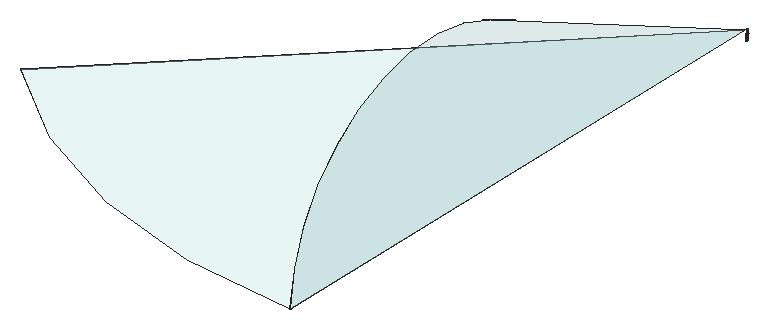
Revit family "Rotor 5000 Series - 5004+FCSAMRSS", category Acessórios do tubo, Revit 2020
Family settings
  Cota do conector redondo = Utilizar diâmetro
  Tipo de parte = Normal
  Número OmniClass = 23.60.30.11.14
  Título OmniClass = Pipework Fittings
  Com base no plano de trabalho = Não
  Sempre na vertical = Sim
  Corte com vazios quando carregada = Não
  Compartilhado = Não
Parameters (values of type "Rain Curtain 6.0")
  Water = Water
  URL = "https://www.rainbird.com/"
  TABLE 65 = "TABLE 65psi"
  TABLE 55 75 = "TABLE 55 75psi"
  TABLE 55 = "TABLE 55psi"
  TABLE 45 = "TABLE 45psi"
  TABLE 35 = "TABLE 35psi"
  TABLE 25 = "TABLE 25psi"
  SupportProjetos: Reviw Date = ""  # constant formula
  SupportProjetos: Reviw = "R00"  # constant formula
  SupportProjetos: Level of Detail = "LOD 300"  # constant formula
  SupportProjetos: Developed = "MICHEL SOARES MOTA"  # constant formula
  SupportProjetos: Creation Date = "07/08/2020"  # constant formula
  Side inlet = no
  Rotation Water Visibility [instance] = Pop up on  # yes
  Rotation Angle [instance] = 45.00°
  RainBird: Product Link = "https://www.rainbird.com/"
  RainBird: Description = "5004+FC-SAM-R-SS Rotor "  # constant formula
  RainBird: Comment [instance] = ""
  RainBird: Code = ""  # constant formula
  Radius [instance] = if(and(Pressure = 25.0 psi, Instance < 25 ft), size_lookup(TABLE 25, "Radius", 0 ft, Instance), if(and(Pressure = 35.0 psi, Instance < 25 ft), size_lookup(TABLE 35, "Radius", 0 ft, Instance), if(and(Pressure = 45.0 psi, Instance < 25 ft), size_lookup(TABLE 45, "Radius", 0 ft, Instance), if(and(Pressure = 55.0 psi, Instance < 13 ft), size_lookup(TABLE 55, "Radius", 0 ft, Instance), if(and(Pressure = 65.0 psi, Instance < 13 ft), size_lookup(TABLE 65, "Radius", 0 ft, Instance), if(and(Pressure > 55.0 psi, Instance > 13 ft), size_lookup(TABLE 55 75, "Radius", 0 ft, Instance), 0 ft))))))  # 50 ft
  RT = 0.009893 ft
  RN = 0.032808 ft
  R5 = 0.03937 ft
  R4 = 0.04101 ft
  R3 = 0.065617 ft
  R2 = 0.075407 ft
  R1 = 0.032808 ft
  Pressure [instance] = 55.0 psi
  Pop up height = 0.334646 ft
  Pop up on [instance] = yes
  Modelo = "5004+FCSAMRSS"  # constant formula
  Instance = 7 ft
  H1 = Body height / 3  # 0.194663 ft
  Flow [instance] = if(and(Pressure = 25.0 psi, Instance < 25 ft), size_lookup(TABLE 25, "Flow", 0.0 GPM, Instance), if(and(Pressure = 35.0 psi, Instance < 25 ft), size_lookup(TABLE 35, "Flow", 0.0 GPM, Instance), if(and(Pressure = 45.0 psi, Instance < 25 ft), size_lookup(TABLE 45, "Flow", 0.0 GPM, Instance), if(and(Pressure = 55.0 psi, Instance < 13 ft), size_lookup(TABLE 55, "Flow", 0.0 GPM, Instance), if(and(Pressure = 65.0 psi, Instance < 13 ft), size_lookup(TABLE 65, "Flow", 0.0 GPM, Instance), if(and(Pressure > 55.0 psi, Instance > 13 ft), size_lookup(TABLE 55 75, "Flow", 0.0 GPM, Instance), 0.0 GPM))))))  # 6.63 GPM
  Fabricante = "Rain Bird"
  Elevação padrão = 0 ft
  Description = RainBird: Description  # "5004+FC-SAM-R-SS Rotor "
  DD13 = 0.002625 ft
  DD12 = 0.003937 ft
  DD11 = 0.009897 ft
  DD10 = 0.016404 ft
  DD8 [instance] = if(Pop up on, Pop up height, 0 ft)  # 0.334646 ft
  DD7 = 0.019685 ft
  DD6 [instance] = 0.016404 ft
  DD5 = 0.065617 ft
  DD4 = 0.032808 ft
  DD3 = 0.091048 ft
  DD2 [instance] = 0.024514 ft
  DD9 [instance] = if(Pop up on, Pop up height + 0.049541 ft, 0 ft)  # 0.384186 ft
  DD1 = 0.006562 ft
  Conection = 0.062664 ft  # constant formula
  Body height = 0.58399 ft
  Blue = Blue Plastic
  Black Plastic = Black Plastic
  Angle = 25.00°
Types (25, lengths in ft): name | Rotation Angle | Radius | Pressure | Instance | Flow
  (no name) | 45.00° | 50 | 55.0 psi | 7 | 6.63 GPM
  Rain Curtain 1.5 | 180.00° | 33 | 25.0 psi | 1 | 1.12 GPM
  Rain Curtain 2.0 | 180.00° | 35 | 25.0 psi | 2 | 1.5 GPM
  Rain Curtain 3.0 | 180.00° | 36 | 25.0 psi | 4 | 2.26 GPM
  Rain Curtain 4.0 | 180.00° | 36 | 25.0 psi | 5 | 2.91 GPM
  Rain Curtain 5.0 | 180.00° | 37 | 25.0 psi | 6 | 3.72 GPM
  Rain Curtain 6.0 | 45.00° | 50 | 55.0 psi | 7 | 6.63 GPM
  Rain Curtain 8.0 | 180.00° | 33 | 25.0 psi | 8 | 5.9 GPM
  Rain Curtain 2.5 | 180.00° | 35 | 25.0 psi | 3 | 1.81 GPM
  1.0 LA | 180.00° | 25 | 25.0 psi | 9 | 0.76 GPM
  1.5 LA | 180.00° | 27 | 25.0 psi | 10 | 1.15 GPM
  2.0 LA | 180.00° | 29 | 25.0 psi | 11 | 1.47 GPM
  3.0 LA | 180.00° | 29 | 25.0 psi | 12 | 2.23 GPM
  PRS Rain Curtain 1.5 | 180.00° | 33 | 25.0 psi | 13 | 1.12 GPM
  PRS Rain Curtain 2.0 | 180.00° | 35 | 25.0 psi | 14 | 1.5 GPM
  PRS Rain Curtain 2.5 | 180.00° | 35 | 25.0 psi | 15 | 1.81 GPM
  PRS Rain Curtain 3.0 | 180.00° | 36 | 25.0 psi | 16 | 2.26 GPM
  PRS Rain Curtain 4.0 | 180.00° | 36 | 25.0 psi | 17 | 2.91 GPM
  PRS Rain Curtain 5.0 | 180.00° | 37 | 25.0 psi | 18 | 3.72 GPM
  PRS Rain Curtain 6.0 | 180.00° | 37 | 25.0 psi | 19 | 4.25 GPM
  PRS Rain Curtain 8.0 | 180.00° | 33 | 25.0 psi | 20 | 5.9 GPM
  PRS 1.0 LA | 180.00° | 25 | 25.0 psi | 21 | 0.76 GPM
  PRS 1.5 LA | 180.00° | 27 | 25.0 psi | 22 | 1.15 GPM
  PRS 2.0 LA | 180.00° | 29 | 25.0 psi | 23 | 1.47 GPM
  PRS 3.0 LA | 180.00° | 29 | 25.0 psi | 24 | 2.23 GPM
Reference planes (ft)
  plane 1 "Centro (Frente/Trás)": y = 0
  plane 2: z = 0
  plane 3 "Centro (Esquerda/Direita)": x = 0
  plane 4: z = 0.003937
  plane 5: z = 0.002625
  plane 6: y = -0.065617
Forms (ft)
  Revolve 1, solid, material "Black Plastic" <- "Black Plastic"
    sketch origin (0, 0, 0) x (1, 0, 0) y (0, 0, 1)
      loop
        line (0.075407, -0.091048) -> (0.075407, -0.035324)
        arc (0.075407, -0.035324) -> (0.072509, -0.028329) -> (0.065514, -0.025431) r 0.009893
        line (0.065514, -0.025431) -> (0.046098, -0.025431) -> (0.046098, 0) -> (0.03937, 0) -> (0.03937, -0.334646) -> (0.019685, -0.334646) -> (0.019685, -0.577428) -> (0.032808, -0.577428) -> (0.032808, -0.58399) -> (0.04101, -0.58399) -> (0.04101, -0.577428) -> (0.055724, -0.577428)
        arc (0.055724, -0.577428) -> (0.062719, -0.57453) -> (0.065617, -0.567535) r 0.009893
        line (0.065617, -0.567535) -> (0.065617, -0.091048) -> (0.075407, -0.091048)
      axis (0, -0.58399) -> (0, 0)
    angle from 0 to 360
  Extrusion 2, solid, material "Black Plastic" <- "Black Plastic"
    sketch origin (0, 0, 0) x (1, 0, 0) y (0, 1, 0)
      loop
        circle (0, 0) r 0.032808
    from -0.334646 to 0.334646
  Extrusion 3, void
    sketch origin (0, 0, 0) x (1, 0, 0) y (0, 1, 0)
      loop
        circle (0, 0) r 0.022844
    from -0.334646 to 0.334646
  Revolve 4, solid, material "Black Plastic" <- "Black Plastic"
    sketch origin (0, 0, 0) x (1, 0, 0) y (0, 0, 1)
      loop
        line (0, 0.334646) -> (0.037004, 0.334646) -> (0.037004, 0.344543)
        arc (0.037004, 0.344543) -> (0.01879, 0.349436) -> (0, 0.35105) r 0.10685
        line (0, 0.35105) -> (0, 0.334646)
      axis (0, 0.334646) -> (0, 0.35105)
    angle from 0 to 360
  Extrusion 5, solid, material "Blue Plastic" <- "Blue"
    sketch origin (0, 0, 0) x (1, 0, 0) y (0, 0, 1)
      loop
        circle (0, 0.310131) r 0.009129
      loop
        circle (0, 0.310131) r 0.004793
    from 0 to 0.034386
  Extrusion 6, void
    sketch origin (0, 0, 0) x (1, 0, 0) y (0, 0, 1)
      loop
        line (-0.02074, 0.328055) -> (-0.02074, 0.282426) -> (0.020672, 0.282426) -> (0.020672, 0.328055) -> (-0.02074, 0.328055)
      loop
        line (-0.018439, 0.325179) -> (-0.018439, 0.285685) -> (0.018179, 0.285685) -> (0.018179, 0.325179) -> (-0.018439, 0.325179)
    from 0.024556 to 0.06931
  Extrusion 7, solid, material "Black Plastic" <- "Black Plastic"
    sketch origin (0, 0, 0) x (1, 0, 0) y (0, 0, 1)
      loop
        line (0.046098, 0) -> (0.046098, -0.036876) -> (0.073493, -0.036876) -> (0.046098, 0)
    from -0.002998 to 0.002998
  Extrusion 8, solid, material "Black Plastic" <- "Black Plastic"
    sketch origin (0, 0, 0) x (-1, 0, 0) y (0, 0, -1)
      loop
        line (0.046098, 0) -> (0.073493, 0.036876) -> (0.046098, 0.036876) -> (0.046098, 0)
    from -0.002998 to 0.002998
  Extrusion 9, solid, material "Black Plastic" <- "Black Plastic"
    sketch origin (0, 0, 0) x (0.866025, 0.5, 0) y (0, 0, 1)
      loop
        line (0.046098, 0) -> (0.046098, -0.036876) -> (0.073493, -0.036876) -> (0.046098, 0)
    from -0.002998 to 0.002998
  Extrusion 10, solid, material "Black Plastic" <- "Black Plastic"
    sketch origin (0, 0, 0) x (-0.866025, -0.5, 0) y (0, 0, -1)
      loop
        line (0.046098, 0) -> (0.073493, 0.036876) -> (0.046098, 0.036876) -> (0.046098, 0)
    from -0.002998 to 0.002998
  Extrusion 11, solid, material "Black Plastic" <- "Black Plastic"
    sketch origin (0, 0, 0) x (0, 1, 0) y (0, 0, 1)
      loop
        line (0.046098, 0) -> (0.046098, -0.036876) -> (0.073493, -0.036876) -> (0.046098, 0)
    from -0.002998 to 0.002998
  Extrusion 12, solid, material "Black Plastic" <- "Black Plastic"
    sketch origin (0, 0, 0) x (0, -1, 0) y (0, 0, -1)
      loop
        line (0.046098, 0) -> (0.073493, 0.036876) -> (0.046098, 0.036876) -> (0.046098, 0)
    from -0.002998 to 0.002998
  Extrusion 13, solid, material "Black Plastic" <- "Black Plastic"
    sketch origin (0, 0, 0) x (0.5, 0.866025, 0) y (0, 0, 1)
      loop
        line (0.046098, 0) -> (0.046098, -0.036876) -> (0.073493, -0.036876) -> (0.046098, 0)
    from -0.002998 to 0.002998
  Extrusion 14, solid, material "Black Plastic" <- "Black Plastic"
    sketch origin (0, 0, 0) x (-0.5, -0.866025, 0) y (0, 0, -1)
      loop
        line (0.046098, 0) -> (0.073493, 0.036876) -> (0.046098, 0.036876) -> (0.046098, 0)
    from -0.002998 to 0.002998
  Extrusion 15, solid, material "Black Plastic" <- "Black Plastic"
    sketch origin (0, 0, 0) x (-0.5, 0.866025, 0) y (0, 0, 1)
      loop
        line (0.046098, 0) -> (0.046098, -0.036876) -> (0.073493, -0.036876) -> (0.046098, 0)
    from -0.002998 to 0.002998
  Extrusion 16, solid, material "Black Plastic" <- "Black Plastic"
    sketch origin (0, 0, 0) x (0.5, -0.866025, 0) y (0, 0, -1)
      loop
        line (0.046098, 0) -> (0.073493, 0.036876) -> (0.046098, 0.036876) -> (0.046098, 0)
    from -0.002998 to 0.002998
  Extrusion 17, solid, material "Black Plastic" <- "Black Plastic"
    sketch origin (0, 0, 0) x (-0.866025, 0.5, 0) y (0, 0, 1)
      loop
        line (0.046098, 0) -> (0.046098, -0.036876) -> (0.073493, -0.036876) -> (0.046098, 0)
    from -0.002998 to 0.002998
  Extrusion 18, solid, material "Black Plastic" <- "Black Plastic"
    sketch origin (0, 0, 0) x (0.866025, -0.5, 0) y (0, 0, -1)
      loop
        line (0.046098, 0) -> (0.073493, 0.036876) -> (0.046098, 0.036876) -> (0.046098, 0)
    from -0.002998 to 0.002998
  Extrusion 19, void
    sketch origin (0, 0, 0) x (1, 0, 0) y (0, 1, 0)
      loop
        line (-0.002998, 0.077702) -> (-0.002998, 0.071655) -> (0.002998, 0.071655) -> (0.002998, 0.077702) -> (-0.002998, 0.077702)
    from -0.091048 to 0.82021
  Extrusion 20, void
    sketch origin (0, 0, 0) x (1, 0, 0) y (0, 1, 0)
      loop
        line (0.002998, -0.077702) -> (0.002998, -0.071655) -> (-0.002998, -0.071655) -> (-0.002998, -0.077702) -> (0.002998, -0.077702)
    from -0.091048 to 0.82021
  Extrusion 21, void
    sketch origin (0, 0, 0) x (0.965926, 0.258819, 0) y (-0.258819, 0.965926, 0)
      loop
        line (-0.002998, 0.077702) -> (-0.002998, 0.071655) -> (0.002998, 0.071655) -> (0.002998, 0.077702) -> (-0.002998, 0.077702)
    from -0.091048 to 0.82021
  Extrusion 22, void
    sketch origin (0, 0, 0) x (0.965926, 0.258819, 0) y (-0.258819, 0.965926, 0)
      loop
        line (0.002998, -0.077702) -> (0.002998, -0.071655) -> (-0.002998, -0.071655) -> (-0.002998, -0.077702) -> (0.002998, -0.077702)
    from -0.091048 to 0.82021
  Extrusion 23, void
    sketch origin (0, 0, 0) x (0.866025, 0.5, 0) y (-0.5, 0.866025, 0)
      loop
        line (-0.002998, 0.077702) -> (-0.002998, 0.071655) -> (0.002998, 0.071655) -> (0.002998, 0.077702) -> (-0.002998, 0.077702)
    from -0.091048 to 0.82021
  Extrusion 24, void
    sketch origin (0, 0, 0) x (0.866025, 0.5, 0) y (-0.5, 0.866025, 0)
      loop
        line (0.002998, -0.077702) -> (0.002998, -0.071655) -> (-0.002998, -0.071655) -> (-0.002998, -0.077702) -> (0.002998, -0.077702)
    from -0.091048 to 0.82021
  Extrusion 25, void
    sketch origin (0, 0, 0) x (0.5, 0.866025, 0) y (-0.866025, 0.5, 0)
      loop
        line (-0.002998, 0.077702) -> (-0.002998, 0.071655) -> (0.002998, 0.071655) -> (0.002998, 0.077702) -> (-0.002998, 0.077702)
    from -0.091048 to 0.82021
  Extrusion 26, void
    sketch origin (0, 0, 0) x (0.5, 0.866025, 0) y (-0.866025, 0.5, 0)
      loop
        line (0.002998, -0.077702) -> (0.002998, -0.071655) -> (-0.002998, -0.071655) -> (-0.002998, -0.077702) -> (0.002998, -0.077702)
    from -0.091048 to 0.82021
  Extrusion 27, void
    sketch origin (0, 0, 0) x (0.707107, 0.707107, 0) y (-0.707107, 0.707107, 0)
      loop
        line (-0.002998, 0.077702) -> (-0.002998, 0.071655) -> (0.002998, 0.071655) -> (0.002998, 0.077702) -> (-0.002998, 0.077702)
    from -0.091048 to 0.82021
  Extrusion 28, void
    sketch origin (0, 0, 0) x (0.707107, 0.707107, 0) y (-0.707107, 0.707107, 0)
      loop
        line (0.002998, -0.077702) -> (0.002998, -0.071655) -> (-0.002998, -0.071655) -> (-0.002998, -0.077702) -> (0.002998, -0.077702)
    from -0.091048 to 0.82021
  Extrusion 29, void
    sketch origin (0, 0, 0) x (0.258819, 0.965926, 0) y (-0.965926, 0.258819, 0)
      loop
        line (-0.002998, 0.077702) -> (-0.002998, 0.071655) -> (0.002998, 0.071655) -> (0.002998, 0.077702) -> (-0.002998, 0.077702)
    from -0.091048 to 0.82021
  Extrusion 30, void
    sketch origin (0, 0, 0) x (0.258819, 0.965926, 0) y (-0.965926, 0.258819, 0)
      loop
        line (0.002998, -0.077702) -> (0.002998, -0.071655) -> (-0.002998, -0.071655) -> (-0.002998, -0.077702) -> (0.002998, -0.077702)
    from -0.091048 to 0.82021
  Extrusion 31, void
    sketch origin (0, 0, 0) x (0, 1, 0) y (-1, 0, 0)
      loop
        line (-0.002998, 0.077702) -> (-0.002998, 0.071655) -> (0.002998, 0.071655) -> (0.002998, 0.077702) -> (-0.002998, 0.077702)
    from -0.091048 to 0.82021
  Extrusion 32, void
    sketch origin (0, 0, 0) x (0, 1, 0) y (-1, 0, 0)
      loop
        line (0.002998, -0.077702) -> (0.002998, -0.071655) -> (-0.002998, -0.071655) -> (-0.002998, -0.077702) -> (0.002998, -0.077702)
    from -0.091048 to 0.82021
  Extrusion 33, void
    sketch origin (0, 0, 0) x (-0.258819, 0.965926, 0) y (-0.965926, -0.258819, 0)
      loop
        line (-0.002998, 0.077702) -> (-0.002998, 0.071655) -> (0.002998, 0.071655) -> (0.002998, 0.077702) -> (-0.002998, 0.077702)
    from -0.091048 to 0.82021
  Extrusion 34, void
    sketch origin (0, 0, 0) x (-0.258819, 0.965926, 0) y (-0.965926, -0.258819, 0)
      loop
        line (0.002998, -0.077702) -> (0.002998, -0.071655) -> (-0.002998, -0.071655) -> (-0.002998, -0.077702) -> (0.002998, -0.077702)
    from -0.091048 to 0.82021
  Extrusion 35, void
    sketch origin (0, 0, 0) x (-0.5, 0.866025, 0) y (-0.866025, -0.5, 0)
      loop
        line (-0.002998, 0.077702) -> (-0.002998, 0.071655) -> (0.002998, 0.071655) -> (0.002998, 0.077702) -> (-0.002998, 0.077702)
    from -0.091048 to 0.82021
  Extrusion 36, void
    sketch origin (0, 0, 0) x (-0.5, 0.866025, 0) y (-0.866025, -0.5, 0)
      loop
        line (0.002998, -0.077702) -> (0.002998, -0.071655) -> (-0.002998, -0.071655) -> (-0.002998, -0.077702) -> (0.002998, -0.077702)
    from -0.091048 to 0.82021
  Extrusion 37, void
    sketch origin (0, 0, 0) x (-0.707107, 0.707107, 0) y (-0.707107, -0.707107, 0)
      loop
        line (-0.002998, 0.077702) -> (-0.002998, 0.071655) -> (0.002998, 0.071655) -> (0.002998, 0.077702) -> (-0.002998, 0.077702)
    from -0.091048 to 0.82021
  Extrusion 38, void
    sketch origin (0, 0, 0) x (-0.707107, 0.707107, 0) y (-0.707107, -0.707107, 0)
      loop
        line (0.002998, -0.077702) -> (0.002998, -0.071655) -> (-0.002998, -0.071655) -> (-0.002998, -0.077702) -> (0.002998, -0.077702)
    from -0.091048 to 0.82021
  Extrusion 39, void
    sketch origin (0, 0, 0) x (-0.866025, 0.5, 0) y (-0.5, -0.866025, 0)
      loop
        line (-0.002998, 0.077702) -> (-0.002998, 0.071655) -> (0.002998, 0.071655) -> (0.002998, 0.077702) -> (-0.002998, 0.077702)
    from -0.091048 to 0.82021
  Extrusion 40, void
    sketch origin (0, 0, 0) x (-0.866025, 0.5, 0) y (-0.5, -0.866025, 0)
      loop
        line (0.002998, -0.077702) -> (0.002998, -0.071655) -> (-0.002998, -0.071655) -> (-0.002998, -0.077702) -> (0.002998, -0.077702)
    from -0.091048 to 0.82021
  Extrusion 41, void
    sketch origin (0, 0, 0) x (-0.965926, 0.258819, 0) y (-0.258819, -0.965926, 0)
      loop
        line (-0.002998, 0.077702) -> (-0.002998, 0.071655) -> (0.002998, 0.071655) -> (0.002998, 0.077702) -> (-0.002998, 0.077702)
    from -0.091048 to 0.82021
  Extrusion 42, void
    sketch origin (0, 0, 0) x (-0.965926, 0.258819, 0) y (-0.258819, -0.965926, 0)
      loop
        line (0.002998, -0.077702) -> (0.002998, -0.071655) -> (-0.002998, -0.071655) -> (-0.002998, -0.077702) -> (0.002998, -0.077702)
    from -0.091048 to 0.82021
  Extrusion 43, solid, material "Water" <- "Water", visible <- "Rotation Water Visibility"
    sketch origin (0, 0, 0) x (0, 1, 0) y (0, 0, 1)
      loop
        line (-0.032808, 0.310131) -> (-28.112196, 13.403765)
        arc (-28.112196, 13.403765) -> (-42.542576, 12.666347) -> (-50.032808, 0.310131) r 15.426605
        line (-50.032808, 0.310131) -> (-0.032808, 0.310131)
    from -0.008202 to 0.008202
Cuts and joins
  Extrusion 3, Extrusion 6 cuts Extrusion 2
  Extrusion 19, Extrusion 20, Extrusion 21, Extrusion 22, Extrusion 23, Extrusion 24, Extrusion 25, Extrusion 26, Extrusion 27, Extrusion 28, Extrusion 29, Extrusion 30, Extrusion 31, Extrusion 32, Extrusion 33, Extrusion 34, Extrusion 35, Extrusion 36, Extrusion 37, Extrusion 38, Extrusion 39, Extrusion 40, Extrusion 41, Extrusion 42 cuts Revolve 1
Dimensions and locks (ft)
  "Body height": level to Revolve 1 sketch curve
  "R2": Revolve 1 sketch curve to plane 3 "Centro (Esquerda/Direita)"
  "DD1": Revolve 1 sketch curve to Revolve 1 sketch curve
  "DD3": level to Revolve 1 sketch curve
  Revolve 1 sketch curve to plane 3 "Centro (Esquerda/Direita)" = 0.065617 ft
  "R4": Revolve 1 sketch curve to plane 3 "Centro (Esquerda/Direita)"
  "RN": Revolve 1 sketch curve to plane 3 "Centro (Esquerda/Direita)"
  "Pop up height": level to Revolve 1 sketch curve
  "R5": plane 3 "Centro (Esquerda/Direita)" to Revolve 1 sketch curve
  "DD7": Revolve 1 sketch curve to plane 3 "Centro (Esquerda/Direita)"
  "DD8": Extrusion 2 to level
  "DD12": plane 4 to level
  "DD13": plane 5 to level
  "R3": plane 6 to plane 1 "Centro (Frente/Trás)"
  "DD5": Revolve 1 sketch curve to Revolve 1 sketch curve
  "DD10": Revolve 4 sketch curve to Revolve 4 sketch curve
  "DD11": Revolve 4 sketch curve to Revolve 4 sketch curve
  "DD2": Revolve 4 to Extrusion 5 sketch curve  (x2)
  Extrusion 7 to plane 3 "Centro (Esquerda/Direita)" = 0.046098 ft
  equal spacing: Extrusion 7, plane 1 "Centro (Frente/Trás)", Extrusion 7
  Extrusion 8 to Extrusion 8 = 0.005995 ft
  Extrusion 9 to Extrusion 9 = 0.005995 ft
  Extrusion 20 sketch curve to Extrusion 20 sketch curve = 0.005995 ft
  Extrusion 22 sketch curve to Extrusion 22 sketch curve = 0.005995 ft
  Extrusion 24 sketch curve to Extrusion 24 sketch curve = 0.005995 ft
  Extrusion 26 sketch curve to Extrusion 26 sketch curve = 0.005995 ft
  Extrusion 28 sketch curve to Extrusion 28 sketch curve = 0.005995 ft
  Extrusion 30 sketch curve to Extrusion 30 sketch curve = 0.005995 ft
  Extrusion 32 sketch curve to Extrusion 32 sketch curve = 0.005995 ft
  Extrusion 34 sketch curve to Extrusion 34 sketch curve = 0.005995 ft
  Extrusion 36 sketch curve to Extrusion 36 sketch curve = 0.005995 ft
  Extrusion 38 sketch curve to Extrusion 38 sketch curve = 0.005995 ft
  Extrusion 40 sketch curve to Extrusion 40 sketch curve = 0.005995 ft
  Extrusion 42 sketch curve to Extrusion 42 sketch curve = 0.005995 ft
  "DD4": plane 1 "Centro (Frente/Trás)" to Extrusion 43 sketch curve
  "DD2": Revolve 4 to Extrusion 43 sketch curve
  "Radius": Extrusion 43 sketch curve to Extrusion 43 sketch curve
  equal spacing: Extrusion 43, plane 3 "Centro (Esquerda/Direita)", Extrusion 43
  "DD6": Extrusion 43 to Extrusion 43
  "DD2": Revolve 4 to nested 1
  "RT": radius of Revolve 1 sketch curve  (x2)
  "R1": radius of Extrusion 2 sketch curve
  "Angle": angle Extrusion 43 sketch curve to Extrusion 43 sketch curve
  aligned and locked: level to plane 2
  aligned and locked: Revolve 1 sketch curve to Revolve 1 sketch curve
  aligned and locked: Extrusion 2 to Revolve 1
  aligned and locked: cut or joined group of Extrusion 2, Extrusion 3, Extrusion 6 to cut or joined group of Extrusion 2, Extrusion 3, Extrusion 6  (x2)
  aligned and locked: Revolve 4 sketch curve to cut or joined group of Extrusion 2, Extrusion 3, Extrusion 6
  aligned and locked: Extrusion 20 to Revolve 1
  aligned and locked: Extrusion 22 to Revolve 1
  aligned and locked: Extrusion 24 to Revolve 1
  aligned and locked: Extrusion 28 to Revolve 1
  aligned and locked: Extrusion 26 to Revolve 1
  aligned and locked: Extrusion 30 to Revolve 1
  aligned and locked: Extrusion 32 to Revolve 1
  aligned and locked: Extrusion 34 to Revolve 1
  aligned and locked: Revolve 1 to Extrusion 36
  aligned and locked: Revolve 1 to Extrusion 38
  aligned and locked: Extrusion 41 to Revolve 1
  aligned and locked: Extrusion 39 to Revolve 1
  aligned and locked: Extrusion 37 to Revolve 1
  aligned and locked: Extrusion 35 to Revolve 1
  aligned and locked: Extrusion 33 to Revolve 1
  aligned and locked: Extrusion 31 to Revolve 1
  aligned and locked: Extrusion 29 to Revolve 1
  aligned and locked: Revolve 1 to Extrusion 25
  aligned and locked: Revolve 1 to Extrusion 27
  aligned and locked: Revolve 1 to Extrusion 19
  aligned and locked: Revolve 1 to Extrusion 21
  aligned and locked: Revolve 1 to Extrusion 42
  aligned and locked: Revolve 1 to Extrusion 40
  aligned and locked: Revolve 1 to Extrusion 23
Automatic sketch dimensions
  plane 1 "Centro (Frente/Trás)" to Extrusion 2 sketch curve = 0 ft
  Extrusion 2 sketch curve to plane 3 "Centro (Esquerda/Direita)" = 0 ft
  plane 1 "Centro (Frente/Trás)" to Extrusion 3 sketch curve = 0 ft
  Extrusion 3 sketch curve to plane 3 "Centro (Esquerda/Direita)" = 0 ft
  Revolve 4 sketch curve to plane 3 "Centro (Esquerda/Direita)" = 0 ft  (x2)
  plane 3 "Centro (Esquerda/Direita)" to Revolve 4 sketch curve = 0.000284 ft
  plane 3 "Centro (Esquerda/Direita)" to Revolve 4 sketch curve = 0.037004 ft
  Revolve 4 sketch curve to Revolve 4 sketch curve = 0.015719 ft
  Revolve 4 sketch curve to Revolve 4 sketch curve = 0.114829 ft
  Extrusion 5 sketch curve to Extrusion 5 sketch curve = 0 ft
  Extrusion 5 sketch curve to plane 3 "Centro (Esquerda/Direita)" = 0 ft
  Extrusion 6 sketch curve to plane 3 "Centro (Esquerda/Direita)" = 0.02074 ft
  Extrusion 6 sketch curve to Extrusion 6 sketch curve = 0.002301 ft
  plane 3 "Centro (Esquerda/Direita)" to Extrusion 6 sketch curve = 0.018179 ft
  Extrusion 6 sketch curve to Extrusion 6 sketch curve = 0.002492 ft
  plane 4 to Extrusion 6 sketch curve = 0.278489 ft
  Extrusion 6 sketch curve to Extrusion 6 sketch curve = 0.003259 ft
  Extrusion 6 sketch curve to Extrusion 6 sketch curve = 0.039494 ft
  Extrusion 6 sketch curve to Extrusion 6 sketch curve = 0.002876 ft
  Extrusion 7 sketch curve to level = 0 ft
  plane 3 "Centro (Esquerda/Direita)" to Extrusion 7 sketch curve = 0.046098 ft
  Extrusion 7 sketch curve to Extrusion 7 sketch curve = 0.027396 ft
  Extrusion 7 sketch curve to Extrusion 7 sketch curve = 0.036876 ft
  Extrusion 8 sketch curve to level = 0 ft
  plane 3 "Centro (Esquerda/Direita)" to Extrusion 8 sketch curve = 0.046098 ft
  Extrusion 8 sketch curve to Extrusion 8 sketch curve = 0.027396 ft
  Extrusion 8 sketch curve to Extrusion 8 sketch curve = 0.036876 ft
  Extrusion 9 sketch curve to level = 0 ft
  Extrusion 9 sketch curve to level = 0.036876 ft
  Extrusion 9 sketch curve to Extrusion 9 sketch curve = 0.027396 ft
  Extrusion 10 sketch curve to level = 0 ft
  Extrusion 10 sketch curve to level = 0.036876 ft
  Extrusion 10 sketch curve to Extrusion 10 sketch curve = 0.027396 ft
  Extrusion 11 sketch curve to level = 0 ft
  Extrusion 11 sketch curve to plane 1 "Centro (Frente/Trás)" = 0.046098 ft
  Extrusion 11 sketch curve to Extrusion 11 sketch curve = 0.027396 ft
  Extrusion 11 sketch curve to Extrusion 11 sketch curve = 0.036876 ft
  Extrusion 12 sketch curve to level = 0 ft
  plane 6 to Extrusion 12 sketch curve = 0.019519 ft
  Extrusion 12 sketch curve to plane 6 = 0.007877 ft
  Extrusion 12 sketch curve to level = 0.036876 ft
  Extrusion 13 sketch curve to level = 0 ft
  Extrusion 13 sketch curve to level = 0.036876 ft
  Extrusion 13 sketch curve to Extrusion 13 sketch curve = 0.027396 ft
  Extrusion 14 sketch curve to level = 0 ft
  Extrusion 14 sketch curve to level = 0.036876 ft
  Extrusion 14 sketch curve to Extrusion 14 sketch curve = 0.027396 ft
  level to Extrusion 15 sketch curve = 0 ft
  Extrusion 15 sketch curve to level = 0.036876 ft
  Extrusion 15 sketch curve to Extrusion 15 sketch curve = 0.027396 ft
  level to Extrusion 16 sketch curve = 0 ft
  Extrusion 16 sketch curve to level = 0.036876 ft
  Extrusion 16 sketch curve to Extrusion 16 sketch curve = 0.027396 ft
  level to Extrusion 17 sketch curve = 0 ft
  Extrusion 17 sketch curve to level = 0.036876 ft
  Extrusion 17 sketch curve to Extrusion 17 sketch curve = 0.027396 ft
  level to Extrusion 18 sketch curve = 0 ft
  Extrusion 18 sketch curve to level = 0.036876 ft
  Extrusion 18 sketch curve to Extrusion 18 sketch curve = 0.027396 ft
  Extrusion 19 sketch curve to plane 3 "Centro (Esquerda/Direita)" = 0.002998 ft
  Extrusion 19 sketch curve to plane 1 "Centro (Frente/Trás)" = 0.071655 ft
  Extrusion 19 sketch curve to Extrusion 19 sketch curve = 0.006047 ft
  plane 3 "Centro (Esquerda/Direita)" to Extrusion 20 sketch curve = 0.002998 ft
  plane 6 to Extrusion 20 sketch curve = 0.006038 ft
  Extrusion 20 sketch curve to Extrusion 20 sketch curve = 0.006047 ft
  plane 3 "Centro (Esquerda/Direita)" to Extrusion 19 sketch curve = 0.002998 ft
  Extrusion 21 sketch curve to plane 3 "Centro (Esquerda/Direita)" = 0.021441 ft
  Extrusion 21 sketch curve to plane 1 "Centro (Frente/Trás)" = 0.068438 ft
  Extrusion 21 sketch curve to Extrusion 21 sketch curve = 0.005995 ft
  Extrusion 21 sketch curve to Extrusion 21 sketch curve = 0.006047 ft
  Extrusion 22 sketch curve to plane 6 = 0.010213 ft
  plane 3 "Centro (Esquerda/Direita)" to Extrusion 22 sketch curve = 0.017215 ft
  Extrusion 22 sketch curve to Extrusion 22 sketch curve = 0.006047 ft
  Extrusion 23 sketch curve to plane 3 "Centro (Esquerda/Direita)" = 0.038424 ft
  Extrusion 23 sketch curve to plane 1 "Centro (Frente/Trás)" = 0.060556 ft
  Extrusion 23 sketch curve to Extrusion 23 sketch curve = 0.005995 ft
  Extrusion 23 sketch curve to Extrusion 23 sketch curve = 0.006047 ft
  Extrusion 24 sketch curve to plane 6 = 0.003174 ft
  plane 3 "Centro (Esquerda/Direita)" to Extrusion 24 sketch curve = 0.036255 ft
  Extrusion 24 sketch curve to Extrusion 24 sketch curve = 0.006047 ft
  Extrusion 25 sketch curve to plane 1 "Centro (Frente/Trás)" = 0.033231 ft
  Extrusion 25 sketch curve to plane 3 "Centro (Esquerda/Direita)" = 0.063554 ft
  Extrusion 25 sketch curve to Extrusion 25 sketch curve = 0.005995 ft
  Extrusion 25 sketch curve to Extrusion 25 sketch curve = 0.006047 ft
  Extrusion 26 sketch curve to plane 6 = 0.02417 ft
  Extrusion 26 sketch curve to plane 3 "Centro (Esquerda/Direita)" = 0.065793 ft
  Extrusion 26 sketch curve to Extrusion 26 sketch curve = 0.006047 ft
  Extrusion 27 sketch curve to plane 1 "Centro (Frente/Trás)" = 0.048548 ft
  Extrusion 27 sketch curve to plane 3 "Centro (Esquerda/Direita)" = 0.052787 ft
  Extrusion 27 sketch curve to Extrusion 27 sketch curve = 0.005995 ft
  Extrusion 27 sketch curve to Extrusion 27 sketch curve = 0.006047 ft
  plane 6 to Extrusion 28 sketch curve = 0.008554 ft
  plane 3 "Centro (Esquerda/Direita)" to Extrusion 28 sketch curve = 0.052824 ft
  Extrusion 28 sketch curve to Extrusion 28 sketch curve = 0.006047 ft
  Extrusion 29 sketch curve to plane 1 "Centro (Frente/Trás)" = 0.01565 ft
  Extrusion 29 sketch curve to plane 3 "Centro (Esquerda/Direita)" = 0.069989 ft
  Extrusion 29 sketch curve to Extrusion 29 sketch curve = 0.005995 ft
  Extrusion 29 sketch curve to Extrusion 29 sketch curve = 0.006047 ft
  plane 1 "Centro (Frente/Trás)" to Extrusion 30 sketch curve = 0.023006 ft
  plane 3 "Centro (Esquerda/Direita)" to Extrusion 30 sketch curve = 0.074278 ft
  Extrusion 30 sketch curve to Extrusion 30 sketch curve = 0.006047 ft
  plane 1 "Centro (Frente/Trás)" to Extrusion 31 sketch curve = 0.002998 ft
  Extrusion 31 sketch curve to plane 1 "Centro (Frente/Trás)" = 0.002998 ft
  Extrusion 31 sketch curve to plane 3 "Centro (Esquerda/Direita)" = 0.071655 ft
  Extrusion 31 sketch curve to Extrusion 31 sketch curve = 0.006047 ft
  plane 1 "Centro (Frente/Trás)" to Extrusion 32 sketch curve = 0.002998 ft
  plane 3 "Centro (Esquerda/Direita)" to Extrusion 32 sketch curve = 0.077702 ft
  Extrusion 32 sketch curve to Extrusion 32 sketch curve = 0.006047 ft
  plane 1 "Centro (Frente/Trás)" to Extrusion 33 sketch curve = 0.021441 ft
  Extrusion 33 sketch curve to plane 3 "Centro (Esquerda/Direita)" = 0.068438 ft
  Extrusion 33 sketch curve to Extrusion 33 sketch curve = 0.005995 ft
  Extrusion 33 sketch curve to Extrusion 33 sketch curve = 0.006047 ft
  Extrusion 34 sketch curve to plane 1 "Centro (Frente/Trás)" = 0.017215 ft
  plane 3 "Centro (Esquerda/Direita)" to Extrusion 34 sketch curve = 0.07583 ft
  Extrusion 34 sketch curve to Extrusion 34 sketch curve = 0.006047 ft
  plane 6 to Extrusion 35 sketch curve = 0.027193 ft
  Extrusion 35 sketch curve to plane 3 "Centro (Esquerda/Direita)" = 0.060556 ft
  Extrusion 35 sketch curve to Extrusion 35 sketch curve = 0.005995 ft
  Extrusion 35 sketch curve to Extrusion 35 sketch curve = 0.006047 ft
  Extrusion 36 sketch curve to plane 1 "Centro (Frente/Trás)" = 0.036255 ft
  plane 3 "Centro (Esquerda/Direita)" to Extrusion 36 sketch curve = 0.068791 ft
  Extrusion 36 sketch curve to Extrusion 36 sketch curve = 0.006047 ft
  plane 6 to Extrusion 37 sketch curve = 0.012829 ft
  Extrusion 37 sketch curve to plane 3 "Centro (Esquerda/Direita)" = 0.048548 ft
  Extrusion 37 sketch curve to Extrusion 37 sketch curve = 0.005995 ft
  Extrusion 37 sketch curve to Extrusion 37 sketch curve = 0.006047 ft
  Extrusion 38 sketch curve to plane 1 "Centro (Frente/Trás)" = 0.052824 ft
  plane 3 "Centro (Esquerda/Direita)" to Extrusion 38 sketch curve = 0.057063 ft
  Extrusion 38 sketch curve to Extrusion 38 sketch curve = 0.006047 ft
  plane 6 to Extrusion 39 sketch curve = 0.002063 ft
  Extrusion 39 sketch curve to plane 3 "Centro (Esquerda/Direita)" = 0.033231 ft
  Extrusion 39 sketch curve to Extrusion 39 sketch curve = 0.005995 ft
  Extrusion 39 sketch curve to Extrusion 39 sketch curve = 0.006047 ft
  plane 3 "Centro (Esquerda/Direita)" to Extrusion 40 sketch curve = 0.041447 ft
  Extrusion 40 sketch curve to plane 1 "Centro (Frente/Trás)" = 0.065793 ft
  Extrusion 40 sketch curve to Extrusion 40 sketch curve = 0.006047 ft
  Extrusion 41 sketch curve to plane 6 = 0.004372 ft
  Extrusion 41 sketch curve to plane 3 "Centro (Esquerda/Direita)" = 0.01565 ft
  Extrusion 41 sketch curve to Extrusion 41 sketch curve = 0.005995 ft
  Extrusion 41 sketch curve to Extrusion 41 sketch curve = 0.006047 ft
  plane 3 "Centro (Esquerda/Direita)" to Extrusion 42 sketch curve = 0.023006 ft
  Extrusion 42 sketch curve to plane 1 "Centro (Frente/Trás)" = 0.074278 ft
  Extrusion 42 sketch curve to Extrusion 42 sketch curve = 0.006047 ft
  Revolve 1 sketch curve to plane 3 "Centro (Esquerda/Direita)" = 0 ft
  Revolve 1 sketch curve to level = 0 ft
  Revolve 1 sketch curve to Revolve 1 sketch curve = 0.019416 ft
  plane 4 to Revolve 1 sketch curve = 0.079347 ft
  Revolve 1 sketch curve to Revolve 1 sketch curve = 0.918635 ft
  Extrusion 43 sketch curve to level = 0.577487 ft
  radius of Extrusion 3 sketch curve = 0.022844 ft
  radius of Extrusion 5 sketch curve = 0.009129 ft
  radius of Extrusion 5 sketch curve = 0.004793 ft
Nested families (ft)
  nested 1: "Water" at (-0.000078, 0, 0.190873) x (0, -1, 0) z (0, 0, 1), DT9 <- "DD4", Radius <- "Radius", visible <- "Rotation Water Visibility", Rotation Angle <- "Rotation Angle", type "Water"
    with Rotation Angle 45.00°, Radius 50 ft, DT9 0.032808 ft, DT8 0 ft, DT7 200 ft, DT4 250 ft, Angle 2 315.00°
Connectors (ft)
  piping at (0, 0, -0.58399), diameter 2
    settings: on cut or joined group of Revolve 1, Extrusion 19, Extrusion 20, Extrusion 21, Extrusion 22, Extrusion 23, Extrusion 24, Extrusion 25, Extrusion 26, Extrusion 27, Extrusion 28, Extrusion 29, Extrusion 30, Extrusion 31, Extrusion 32, Extrusion 33, Extrusion 34, Extrusion 35, Extrusion 36, Extrusion 37, Extrusion 38, Extrusion 39, Extrusion 40, Extrusion 41, Extrusion 42, index 1, connector inside diameter 609.6 mm, connector length 0 ft, flow factor 0, pipe flow 0.0 GPM, pressure drop 0.0 psi, fitting loss kfactor 0, connector angle 0.00°, fixture units 0, engagement length 0 ft, angle of deflection 0.00°, flow configuration 0, flow direction 0, fitting loss method 0, system type 28, joint type 0, gender type 0, connector reference index -1, connector utility 0, adjustable connector no, is connector primary yes, connector description ""
Definition of nested family "Water"
  Parameters (values of type "Water")
    Water Visibility (Circle) = yes
    Water = none
    URL = ""
    SupportProjetos: Reviw Date = ""  # constant formula
    SupportProjetos: Level of Detail = "LOD 300"  # constant formula
    SupportProjetos: Developed = "MICHEL SOARES MOTA"  # constant formula
    SupportProjetos: Creation Date = "16/07/2020"  # constant formula
    Rotation Angle [instance] = 90.00°
    Reviw = "R00"  # constant formula
    Radius [instance] = 14 ft
    Model = ""
    Default Elevation = 4 ft
    Description = ""
    DT9 [instance] = 0.032808 ft
    DT8 [instance] = if(Rotation Angle = 360.00°, 10 ft, 0 ft)  # 0 ft
    DT7 [instance] = 4 * Radius  # 56 ft
    DT4 [instance] = 5 * Radius  # 70 ft
    DT2 = 0.098425 ft  # constant formula
    DT6 = 0 ft
    Angle 2 [instance] = if(Rotation Angle = 360.00°, 180.00°, 360.00° - Rotation Angle)  # 270.00°
  Reference planes (ft)
    plane 1 "Centro (Frente/Trás)": y = 0
    plane 2: z = 0
    plane 3 "Centro (Esquerda/Direita)": x = 0
  Forms (ft)
    Revolve 1, solid, material <- "Water", visible <- "Water Visibility (Circle)"
      sketch origin (0, 0, 0) x (1, 0, 0) y (0, 0, 1)
        loop
          line (0.032808, 0.098425) -> (14.032808, 0.098425) -> (14.032808, 0.119259) -> (0.032808, 0.119259) -> (0.032808, 0.098425)
        axis (0, 0.098425) -> (0, 0.119259)
      angle from 0 to 360
    Extrusion 2, void
      sketch origin (0, 0, 0) x (1, 0, 0) y (0, 1, 0)
        loop
          line (0, 0) -> (70, 0) -> (70, 56)
          arc (70, 56) -> (-70.459018, 51.588344) -> (0, -70) r 81.847109
          line (0, -70) -> (0, 0)
      from 0 to 15.189231
  Cuts and joins
    Extrusion 2 cuts Revolve 1
  Dimensions and locks (ft)
    "DT2": Revolve 1 sketch curve to level
    "DT4": Extrusion 2 sketch curve to Extrusion 2 sketch curve  (x2)
    "DT6": Extrusion 2 sketch curve to plane 3 "Centro (Esquerda/Direita)"
    "DT7": Extrusion 2 sketch curve to Extrusion 2 sketch curve
    "DT8": cut or joined group of Revolve 1, Extrusion 2 to level
    "Radius": Revolve 1 sketch curve to Revolve 1 sketch curve
    "DT9": Revolve 1 sketch curve to plane 3 "Centro (Esquerda/Direita)"
    "Angle 2": angle Extrusion 2 sketch curve to Extrusion 2 sketch curve
    aligned and locked: level to plane 2
    aligned and locked: plane 1 "Centro (Frente/Trás)" to Extrusion 2 sketch curve
  Automatic sketch dimensions
    plane 3 "Centro (Esquerda/Direita)" to Extrusion 2 sketch curve = 1.088227 ft
    Revolve 1 sketch curve to plane 3 "Centro (Esquerda/Direita)" = 0 ft
    Revolve 1 sketch curve to Revolve 1 sketch curve = 0.020833 ft
    Revolve 1 sketch curve to Revolve 1 sketch curve = 0.032113 ft
    Revolve 1 sketch curve to Revolve 1 sketch curve = 10.2693 ft
